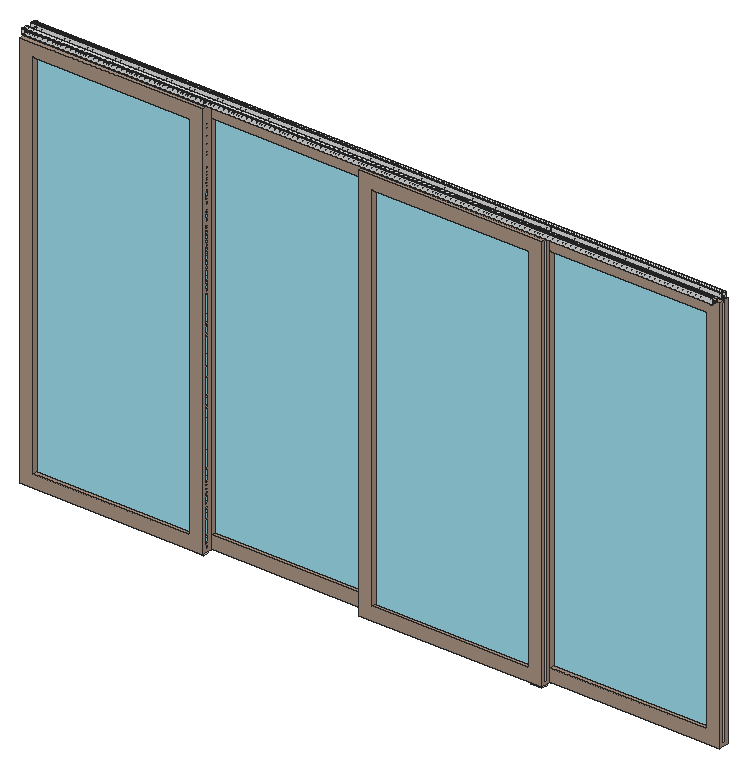
Revit family "4 Panel Slide SB4 XRDLP", category Doors, host Wall, Revit 2016
Family settings
  Host = Wall
  Always vertical = Yes
  Cut with Voids When Loaded = No
  Shared = No
  Room Calculation Point = No
Parameters (values of type "159"x 94 1/8"")
  URL = "www.raydoor.com"
  Type Image = SB4.jpg
  Thickness = 2 1/4"  # constant formula
  Rough Width = 1"  # constant formula
  Rough Height = 1" / 4  # 1/4"
  Model = "SB4"
  Function = Interior
  Door Material = Door - Panel
  Panel Material = Glass, Cast, Gray
  Height = 94 1/8"
  Trim Projection Ext = 63/64"  # constant formula
  Typ = 3"  # constant formula
  Wall Closure = By host
  Width = 159"
  Assembly Code = "SB4 XRDLP"
Reference planes (in)
  plane 1: y = 0
  plane 2: z = 0
  plane 3: x = 0
  plane 4: x = -79.5
  plane 5: x = 79.5
  plane 6: z = 94.125
  plane 7: z = 92.9375
  plane 8: x = 76.5
  plane 9: x = 78
  plane 10: x = -1.50001
  plane 11: x = -0.00001
  plane 12: x = 1.49999
  plane 13: x = -78
  plane 14: x = -76.5
  plane 15: y = 0.125
  plane 16: y = -2.375
  plane 17: y = 2.375
  plane 18: y = -0.125
  plane 19: x = -39
  plane 20: x = -37.5
  plane 21: x = -40.5
  plane 22: x = 39
  plane 23: x = 40.5
  plane 24: x = 37.5
Forms (in)
  Extrusion 1, solid, material "Door - Panel" <- "Door Material"
    sketch origin (-58, 2.62273, 0.25) x (1, 0, 0) y (0, 0, 1)
      loop
        line (56.49999, 92.125) -> (56.49999, 0.25) -> (98.5, 0.25) -> (98.5, 92.125) -> (56.49999, 92.125)
      loop
        line (59.49999, 89.125) -> (59.49999, 3.25) -> (95.5, 3.25) -> (95.5, 89.125) -> (59.49999, 89.125)
    from 2.74773 to 4.99609
  Extrusion 2, solid, material "Glass, Cast, Gray" <- "Panel Material"
    sketch origin (-57.74997, -27.47932, 0.25) x (1, 0, 0) y (0, 0, 1)
      loop
        line (56.24997, 92.125) -> (56.24997, 1.125) -> (98.24997, 1.125) -> (98.24997, 92.125) -> (56.24997, 92.125)
    from -26.35104 to -26.10268
  Extrusion 3, void
    sketch origin (-58, -9.64385, -90.75) x (1, 0, 0) y (0, 0, 1)
      loop
        line (56.49999, 92.125) -> (56.49999, 91.25) -> (98.5, 91.25) -> (98.5, 92.125) -> (56.49999, 92.125)
    from -8.51721 to -8.26885
  Extrusion 4, solid, material "Door - Panel" <- "Door Material"
    sketch origin (-99, 0.3721, 0.25) x (1, 0, 0) y (0, 0, 1)
      loop
        line (19.5, 92.125) -> (19.5, 0.25) -> (61.5, 0.25) -> (61.5, 92.125) -> (19.5, 92.125)
      loop
        line (22.5, 89.125) -> (22.5, 3.25) -> (58.5, 3.25) -> (58.5, 89.125) -> (22.5, 89.125)
    from 0.49874 to 2.7471
  Extrusion 5, solid, material "Glass, Cast, Gray" <- "Panel Material"
    sketch origin (-98.99995, -7.34164, 0.25) x (1, 0, 0) y (0, 0, 1)
      loop
        line (19.49995, 92.125) -> (19.49995, 1.125) -> (61.49995, 1.125) -> (61.49995, 92.125) -> (19.49995, 92.125)
    from -6.215 to -5.96664
  Extrusion 6, void
    sketch origin (-99, -14.51721, -90.75) x (1, 0, 0) y (0, 0, 1)
      loop
        line (19.5, 92.125) -> (19.5, 91.25) -> (61.5, 91.25) -> (61.5, 92.125) -> (19.5, 92.125)
    from -13.39057 to -13.14221
  Extrusion 7, solid, material "UHMW, White", detail levels medium+fine
    sketch origin (49.2777, -1.73342, 0.25) x (0, 1, 0) y (0, 0, 1)
      loop
        line (1.16928, -0.25) -> (1.16928, -0.0625) -> (0.60678, -0.0625) -> (0.60678, 0.75) -> (0.41928, 0.75) -> (0.41928, -0.0625) -> (-0.14322, -0.0625) -> (-0.14322, -0.25) -> (1.16928, -0.25)
      loop
        line (-0.04289, 93.65625) -> (-0.04289, 92.85447) -> (1.00562, 92.85447) -> (1.00562, 93.65625) -> (-0.04289, 93.65625)
    from -89.5277 to -87.0277
  Extrusion 8, solid, material "UHMW, White", detail levels medium+fine
    sketch origin (49.4027, 0.76658, 0.25) x (0, 1, 0) y (0, 0, 1)
      loop
        line (1.16928, -0.25) -> (1.16928, -0.0625) -> (0.60678, -0.0625) -> (0.60678, 0.75) -> (0.41928, 0.75) -> (0.41928, -0.0625) -> (-0.14322, -0.0625) -> (-0.14322, -0.25) -> (1.16928, -0.25)
      loop
        line (-0.04125, 93.65625) -> (-0.04125, 92.85447) -> (1.00726, 92.85447) -> (1.00726, 93.65625) -> (-0.04125, 93.65625)
    from -89.6527 to -87.1527
  Extrusion 9, solid, material "UHMW, White"
    sketch origin (0, 42.66856, -9.0893) x (0, 1, 0) y (0, 0, 1)
      loop
        line (-40.98125, 103.19868) -> (-41.00944, 103.2143) -> (-41.82807, 103.2143) -> (-41.85625, 103.19868)
        arc (-41.85625, 103.19868) -> (-41.80157, 103.14399) -> (-41.85625, 103.0893) r 0.05469
        line (-41.85625, 103.0893) -> (-41.98125, 103.0893)
        arc (-41.98125, 103.0893) -> (-42.00335, 103.08015) -> (-42.0125, 103.05805) r 0.03125
        line (-42.0125, 103.05805) -> (-42.0125, 102.01916)
        arc (-42.0125, 102.01916) -> (-42.00619, 102.00031) -> (-41.9898, 101.98907) r 0.0313
        line (-41.9898, 101.98907) -> (-41.79375, 101.93305) -> (-41.69219, 101.93305)
        arc (-41.69219, 101.93305) -> (-41.67401, 101.9417) -> (-41.66924, 101.96126) r 0.02344
        arc (-41.66924, 101.96126) -> (-41.67141, 101.97686) -> (-41.68296, 101.98757) r 0.02344
        line (-41.68296, 101.98757) -> (-41.93438, 102.0594) -> (-41.93438, 102.13127) -> (-41.95, 102.19377) -> (-41.95, 102.99555) -> (-41.80157, 103.006) -> (-41.70968, 103.12055) -> (-41.12783, 103.12055) -> (-41.03594, 103.006) -> (-40.8875, 102.99555) -> (-40.8875, 102.19377) -> (-40.90313, 102.13127) -> (-40.90313, 102.0594) -> (-41.15455, 101.98757)
        arc (-41.15455, 101.98757) -> (-41.1661, 101.97686) -> (-41.16826, 101.96126) r 0.02344
        arc (-41.16826, 101.96126) -> (-41.1635, 101.9417) -> (-41.14532, 101.93305) r 0.02344
        line (-41.14532, 101.93305) -> (-41.04375, 101.93305) -> (-40.84771, 101.98907)
        arc (-40.84771, 101.98907) -> (-40.83132, 102.00031) -> (-40.825, 102.01916) r 0.0313
        line (-40.825, 102.01916) -> (-40.825, 103.05805)
        arc (-40.825, 103.05805) -> (-40.83416, 103.08015) -> (-40.85625, 103.0893) r 0.03125
        line (-40.85625, 103.0893) -> (-40.98125, 103.0893)
        arc (-40.98125, 103.0893) -> (-41.03594, 103.14399) -> (-40.98125, 103.19868) r 0.05469
    from -79.5 to 79.5
  Extrusion 10, solid, material "UHMW, White"
    sketch origin (-41.44048, 1.65912, 94.125) x (0, -1, 0) y (1, 0, 0)
      loop
        circle (2.90868, 80.44048) r 0.125
    from -1.75 to -0.09375
  Extrusion 11, solid, material "UHMW, White"
    sketch origin (0, 40.4202, -9.0893) x (0, 1, 0) y (0, 0, 1)
      loop
        line (-41.23289, 103.19868) -> (-41.26108, 103.2143) -> (-42.07971, 103.2143) -> (-42.10789, 103.19868)
        arc (-42.10789, 103.19868) -> (-42.05321, 103.14399) -> (-42.10789, 103.0893) r 0.05469
        line (-42.10789, 103.0893) -> (-42.23289, 103.0893)
        arc (-42.23289, 103.0893) -> (-42.25499, 103.08015) -> (-42.26414, 103.05805) r 0.03125
        line (-42.26414, 103.05805) -> (-42.26414, 102.01916)
        arc (-42.26414, 102.01916) -> (-42.25783, 102.00031) -> (-42.24144, 101.98907) r 0.0313
        line (-42.24144, 101.98907) -> (-42.04539, 101.93305) -> (-41.94383, 101.93305)
        arc (-41.94383, 101.93305) -> (-41.92565, 101.9417) -> (-41.92088, 101.96126) r 0.02344
        arc (-41.92088, 101.96126) -> (-41.92305, 101.97686) -> (-41.9346, 101.98757) r 0.02344
        line (-41.9346, 101.98757) -> (-42.18602, 102.0594) -> (-42.18602, 102.13127) -> (-42.20164, 102.19377) -> (-42.20164, 102.99555) -> (-42.05321, 103.006) -> (-41.96132, 103.12055) -> (-41.37947, 103.12055) -> (-41.28758, 103.006) -> (-41.13914, 102.99555) -> (-41.13914, 102.19377) -> (-41.15477, 102.13127) -> (-41.15477, 102.0594) -> (-41.40619, 101.98757)
        arc (-41.40619, 101.98757) -> (-41.41774, 101.97686) -> (-41.4199, 101.96126) r 0.02344
        arc (-41.4199, 101.96126) -> (-41.41514, 101.9417) -> (-41.39696, 101.93305) r 0.02344
        line (-41.39696, 101.93305) -> (-41.29539, 101.93305) -> (-41.09935, 101.98907)
        arc (-41.09935, 101.98907) -> (-41.08296, 102.00031) -> (-41.07664, 102.01916) r 0.0313
        line (-41.07664, 102.01916) -> (-41.07664, 103.05805)
        arc (-41.07664, 103.05805) -> (-41.0858, 103.08015) -> (-41.10789, 103.0893) r 0.03125
        line (-41.10789, 103.0893) -> (-41.23289, 103.0893)
        arc (-41.23289, 103.0893) -> (-41.28758, 103.14399) -> (-41.23289, 103.19868) r 0.05469
    from -79.5 to 79.5
  Extrusion 12, solid, material "UHMW, White"
    sketch origin (-92.86615, -11.16274, 94.125) x (0, -1, 0) y (1, 0, 0)
      loop
        circle (-12.41356, 53.86615) r 0.125
    from -1.75 to 0
  Extrusion 13, solid, material "Door - Panel" <- "Door Material"
    sketch origin (-99, 2.87047, 0.25) x (1, 0, 0) y (0, 0, 1)
      loop
        line (58.5, 92.125) -> (58.5, 0.25) -> (100.49999, 0.25) -> (100.49999, 92.125) -> (58.5, 92.125)
      loop
        line (61.5, 89.125) -> (61.5, 3.25) -> (97.49999, 3.25) -> (97.49999, 89.125) -> (61.5, 89.125)
    from 0.4971 to 2.74547
  Extrusion 14, solid, material "Glass, Cast, Gray" <- "Panel Material"
    sketch origin (-98.99995, -4.84328, 0.25) x (1, 0, 0) y (0, 0, 1)
      loop
        line (58.49995, 92.125) -> (58.49995, 1.125) -> (100.49994, 1.125) -> (100.49994, 92.125) -> (58.49995, 92.125)
    from -6.21664 to -5.96828
  Extrusion 15, void
    sketch origin (-99, -12.01885, -90.75) x (1, 0, 0) y (0, 0, 1)
      loop
        line (58.5, 92.125) -> (58.5, 91.25) -> (100.49999, 91.25) -> (100.49999, 92.125) -> (58.5, 92.125)
    from -13.39221 to -13.14385
  Extrusion 16, solid, material "Door - Panel" <- "Door Material"
    sketch origin (-67, 2.87047, 0.25) x (1, 0, 0) y (0, 0, 1)
      loop
        line (104.5, 92.125) -> (104.5, 0.25) -> (146.5, 0.25) -> (146.5, 92.125) -> (104.5, 92.125)
      loop
        line (107.5, 89.125) -> (107.5, 3.25) -> (143.5, 3.25) -> (143.5, 89.125) -> (107.5, 89.125)
    from 0.4971 to 2.74547
  Extrusion 17, solid, material "Glass, Cast, Gray" <- "Panel Material"
    sketch origin (-66.99995, -4.59328, 0.25) x (1, 0, 0) y (0, 0, 1)
      loop
        line (104.49995, 92.125) -> (104.49995, 1.125) -> (146.49995, 1.125) -> (146.49995, 92.125) -> (104.49995, 92.125)
    from -5.96664 to -5.71828
  Extrusion 18, void
    sketch origin (-67, -12.01885, -90.75) x (1, 0, 0) y (0, 0, 1)
      loop
        line (104.5, 92.125) -> (104.5, 91.25) -> (146.5, 91.25) -> (146.5, 92.125) -> (104.5, 92.125)
    from -13.39221 to -13.14385
  Extrusion 19, solid, material "UHMW, White", detail levels medium+fine
    sketch origin (127.2777, 0.76658, 0.25) x (0, 1, 0) y (0, 0, 1)
      loop
        line (1.16928, -0.25) -> (1.16928, -0.0625) -> (0.60678, -0.0625) -> (0.60678, 0.75) -> (0.41928, 0.75) -> (0.41928, -0.0625) -> (-0.14322, -0.0625) -> (-0.14322, -0.25) -> (1.16928, -0.25)
      loop
        line (-0.04125, 93.65625) -> (-0.04125, 92.85447) -> (1.00726, 92.85447) -> (1.00726, 93.65625) -> (-0.04125, 93.65625)
    from -89.5277 to -87.0277
  Extrusion 20, solid, material "UHMW, White", detail levels medium+fine
    sketch origin (127.2777, -1.73342, 0.25) x (0, 1, 0) y (0, 0, 1)
      loop
        line (1.16928, -0.25) -> (1.16928, -0.0625) -> (0.60678, -0.0625) -> (0.60678, 0.75) -> (0.41928, 0.75) -> (0.41928, -0.0625) -> (-0.14322, -0.0625) -> (-0.14322, -0.25) -> (1.16928, -0.25)
      loop
        line (-0.04289, 93.65625) -> (-0.04289, 92.85447) -> (1.00562, 92.85447) -> (1.00562, 93.65625) -> (-0.04289, 93.65625)
    from -89.5277 to -87.0277
Cuts and joins
  Extrusion 3 cuts Extrusion 1
  Extrusion 3 cuts Extrusion 2
  Extrusion 6, Extrusion 15 cuts Extrusion 4
  Extrusion 6, Extrusion 15 cuts Extrusion 5
  Extrusion 15, Extrusion 18 cuts Extrusion 13
  Extrusion 15, Extrusion 18 cuts Extrusion 14
  Extrusion 18 cuts Extrusion 8
  Extrusion 18 cuts Extrusion 16
  Extrusion 18 cuts Extrusion 17
Lines and regions (in)
  Opening 1
    outline origin (-60, -2.99773, 144) x (0, 0, -1) y (1, 0, 0)
      loop
        line (49.875, -19.5) -> (144, -19.5) -> (144, 139.5) -> (49.875, 139.5) -> (49.875, -19.5)
  Masking region 1
    outline origin (-7.24693, 27.04592, 0) x (1, 0, 0) y (0, 1, 0)
      loop
        line (-30.25307, -29.42092) -> (-30.25307, -27.17092) -> (-72.25307, -27.17092) -> (-72.25307, -29.42092) -> (-30.25307, -29.42092)
  Masking region 2
    outline origin (-7.24693, 29.28975, 0) x (1, 0, 0) y (0, 1, 0)
      loop
        line (-30.25307, -29.16475) -> (-30.25307, -26.91475) -> (-72.25307, -26.91475) -> (-72.25307, -29.16475) -> (-30.25307, -29.16475)
  Masking region 3
    outline origin (41.75307, 34.80676, 0) x (1, 0, 0) y (0, 1, 0)
      loop
        line (37.74693, -37.18176) -> (37.74693, -34.93176) -> (-4.25307, -34.93176) -> (-4.25307, -37.18176) -> (37.74693, -37.18176)
  Masking region 4
    outline origin (41.75307, 37.05059, 0) x (1, 0, 0) y (0, 1, 0)
      loop
        line (37.74693, -36.92559) -> (37.74693, -34.67559) -> (-4.25307, -34.67559) -> (-4.25307, -36.92559) -> (37.74693, -36.92559)
  symbolic lines, style "Elevation Swing"
    curve 1: line (-29.5, 0, 37.98833) -> (-9.5, 0, 37.98833)
    curve 2: line (-9.5, 0, 32.79755) -> (-29.5, 0, 32.79755)
    curve 3: line (-29.5, 0, 37.98833) -> (-21.38007, 0, 40.48833)
    curve 4: line (-14.69616, 0, 29.79755) -> (-9.5, 0, 32.79755)
    curve 14: line (9.5, 0, 37.98833) -> (29.5, 0, 37.98833)
    curve 15: line (29.5, 0, 32.79755) -> (9.5, 0, 32.79755)
    curve 16: line (9.5, 0, 37.98833) -> (17.61992, 0, 40.48833)
    curve 17: line (24.30384, 0, 29.79755) -> (29.5, 0, 32.79755)
  symbolic lines, style "Plan Swing"
    curve 5: line (29.5, -14.55138, 0) -> (9.5, -14.55138, 0)
    curve 6: line (9.5, -14.55138, 0) -> (11.62132, -12.43006, 0)
    curve 7: line (29.5, -16.07036, 0) -> (8.71019, -16.07036, 0)
    curve 8: line (27.37868, -18.19168, 0) -> (29.5, -16.07036, 0)
    curve 10: line (-9.50001, -14.55138, 0) -> (-29.50001, -14.55138, 0)
    curve 11: line (-29.50001, -14.55138, 0) -> (-27.37869, -12.43006, 0)
    curve 12: line (-9.50001, -16.07036, 0) -> (-30.28981, -16.07036, 0)
    curve 13: line (-11.62133, -18.19168, 0) -> (-9.50001, -16.07036, 0)
  model lines
    curve 9: line (-79.5, 3.00227, 0) -> (79.5, 3.00227, 0)
Dimensions and locks (in)
  equal spacing: plane 4, plane 3, plane 5
  "Width": plane 4 to plane 5
  "Height": plane 6 to plane 2
  locked: plane 6 to plane 7 at 1.1875
  equal spacing: plane 8, plane 9, plane 5, locked at 1.5 each
  "Typ": plane 8 to plane 5
  equal spacing: plane 10, plane 11, plane 12, locked at 1.5 each
  "Typ": plane 10 to plane 12
  equal spacing: plane 11, plane 22, plane 9
  equal spacing: plane 13, plane 19, plane 11
  "Typ": Extrusion 1 sketch curve to Extrusion 1 sketch curve  (x2)
  locked: Extrusion 2 to Extrusion 2 at 0.24836
  locked: Extrusion 2 sketch curve to Extrusion 1 at 0.875
  locked: Extrusion 3 to Extrusion 3 at 0.24836
  "Typ": Extrusion 4 sketch curve to Extrusion 4 sketch curve  (x2)
  locked: Extrusion 5 to Extrusion 5 at 0.24836
  locked: Extrusion 4 to Extrusion 5 at 1
  locked: Extrusion 5 sketch curve to Extrusion 4 at 0.875
  locked: Extrusion 6 to Extrusion 6 at 0.24836
  locked: plane 15 to plane 18 at 0.25
  "Typ": plane 4 to plane 14
  "Thickness": plane 17 to plane 15
  "Thickness": plane 18 to plane 16
  equal spacing: plane 4, plane 13, plane 14
  locked: Extrusion 7 to Extrusion 7 at 2.5  (x2)
  Extrusion 7 sketch curve to Extrusion 7 sketch curve = 3/16"
  locked: Extrusion 7 sketch curve to Extrusion 7 sketch curve at 0.5625  (x2)
  locked: Extrusion 7 sketch curve to Extrusion 7 sketch curve at 0.1875
  locked: Extrusion 8 to Extrusion 8 at 2.5
  Extrusion 8 sketch curve to Extrusion 8 sketch curve = 3/16"
  locked: Extrusion 8 sketch curve to Extrusion 8 sketch curve at 0.5625  (x2)
  locked: Extrusion 8 sketch curve to Extrusion 8 sketch curve at 0.1875
  locked: cut or joined group of Extrusion 2, Extrusion 3 to plane 16 at 0.99836
  locked: plane 17 to Extrusion 12 sketch curve at 1.24918
  locked: Extrusion 10 sketch curve to plane 16 at 1.00044
  equal spacing: plane 21, plane 19, plane 20
  "Typ": plane 21 to plane 20
  equal spacing: plane 24, plane 22, plane 23
  "Typ": plane 24 to plane 23
  locked: plane 16 to cut or joined group of Extrusion 2, Extrusion 3 at 0.99836
  locked: cut or joined group of Extrusion 2, Extrusion 3 to plane 18 at 1.00164
  locked: cut or joined group of Extrusion 2, Extrusion 3 to cut or joined group of Extrusion 2, Extrusion 3 at 0.24836
  "Typ": Extrusion 13 sketch curve to Extrusion 13 sketch curve  (x2)
  locked: Extrusion 14 to Extrusion 14 at 0.24836
  locked: Extrusion 13 to Extrusion 14 at 1
  locked: Extrusion 14 sketch curve to Extrusion 13 at 0.875
  locked: Extrusion 15 to Extrusion 15 at 0.24836
  locked: cut or joined group of Extrusion 14, Extrusion 15, Extrusion 18 to plane 15 at 1
  "Typ": Extrusion 16 sketch curve to Extrusion 16 sketch curve  (x2)
  locked: Extrusion 17 to Extrusion 17 at 0.24836
  locked: Extrusion 16 to Extrusion 17 at 1
  locked: Extrusion 17 sketch curve to Extrusion 16 at 0.875
  locked: Extrusion 18 to Extrusion 18 at 0.24836
  locked: Extrusion 10 sketch curve to plane 23 at 1.375
  "Rough Height": plane 21 to Extrusion 7
  locked: Extrusion 19 to Extrusion 19 at 2.5
  Extrusion 19 sketch curve to Extrusion 19 sketch curve = 3/16"
  locked: Extrusion 19 sketch curve to Extrusion 19 sketch curve at 0.5625  (x2)
  locked: Extrusion 19 sketch curve to Extrusion 19 sketch curve at 0.1875
  "Rough Height": plane 24 to Extrusion 19
  locked: Extrusion 20 to Extrusion 20 at 2.5  (x2)
  Extrusion 20 sketch curve to Extrusion 20 sketch curve = 3/16"
  locked: Extrusion 20 sketch curve to Extrusion 20 sketch curve at 0.5625  (x2)
  locked: Extrusion 20 sketch curve to Extrusion 20 sketch curve at 0.1875
  "Rough Height": plane 24 to Extrusion 20
  "Rough Height": plane 20 to cut or joined group of Extrusion 8, Extrusion 18
  diameter of Extrusion 10 sketch curve = 1/4"
  diameter of Extrusion 12 sketch curve = 1/4"
  aligned and locked: plane 5 to curve 9
  aligned and locked: Opening 1 sketch curve to plane 5
  aligned and locked: Opening 1 sketch curve to plane 4
  aligned and locked: Extrusion 1 to Extrusion 2
  aligned and locked: Extrusion 1 to Extrusion 3  (x3)
  aligned and locked: Extrusion 4 to Extrusion 5
  aligned and locked: Extrusion 4 to Extrusion 6  (x3)
  aligned and locked: plane 4 to cut or joined group of Extrusion 4, Extrusion 6, Extrusion 15
  aligned and locked: plane 4 to cut or joined group of Extrusion 5, Extrusion 6, Extrusion 15
  aligned and locked: cut or joined group of Extrusion 4, Extrusion 6, Extrusion 15 to plane 14
  aligned and locked: plane 17 to Masking region 2
  aligned and locked: Masking region 2 to plane 15
  aligned and locked: Extrusion 7 sketch curve to Extrusion 7 sketch curve
  aligned and locked: cut or joined group of Extrusion 1, Extrusion 3 to Extrusion 7
  aligned and locked: Extrusion 10 to Extrusion 9
  aligned and locked: plane 4 to Extrusion 11
  aligned and locked: plane 4 to Extrusion 9
  aligned and locked: plane 4 to Masking region 1
  aligned and locked: plane 18 to Masking region 1
  aligned and locked: Masking region 1 to plane 16
  aligned and locked: Extrusion 4 to plane 20
  aligned and locked: cut or joined group of Extrusion 4, Extrusion 6, Extrusion 15 to Extrusion 5
  aligned and locked: cut or joined group of Extrusion 4, Extrusion 6, Extrusion 15 to plane 16
  aligned and locked: plane 18 to cut or joined group of Extrusion 4, Extrusion 6, Extrusion 15
  aligned and locked: plane 10 to cut or joined group of Extrusion 1, Extrusion 3
  aligned and locked: plane 10 to cut or joined group of Extrusion 2, Extrusion 3
  aligned and locked: cut or joined group of Extrusion 2, Extrusion 3 to plane 23
  aligned and locked: cut or joined group of Extrusion 1, Extrusion 3 to plane 23
  aligned and locked: cut or joined group of Extrusion 1, Extrusion 3 to plane 24
  aligned and locked: Masking region 1 to plane 20
  aligned and locked: cut or joined group of Extrusion 5, Extrusion 6, Extrusion 15 to Extrusion 6
  aligned and locked: Extrusion 13 to Extrusion 14
  aligned and locked: Extrusion 13 to Extrusion 15  (x3)
  aligned and locked: Extrusion 13 to Masking region 2
  aligned and locked: Masking region 2 to Extrusion 13
  aligned and locked: Extrusion 13 to plane 12
  aligned and locked: plane 10 to Extrusion 13
  aligned and locked: Extrusion 14 to plane 12
  aligned and locked: cut or joined group of Extrusion 13, Extrusion 15, Extrusion 18 to plane 20
  aligned and locked: cut or joined group of Extrusion 13, Extrusion 15, Extrusion 18 to plane 21
  aligned and locked: cut or joined group of Extrusion 14, Extrusion 15, Extrusion 18 to plane 21
  aligned and locked: cut or joined group of Extrusion 13, Extrusion 15, Extrusion 18 to Extrusion 8
  aligned and locked: Extrusion 4 to plane 21
  aligned and locked: plane 4 to Masking region 2
  aligned and locked: Masking region 2 to plane 20
  aligned and locked: Extrusion 16 to Extrusion 17
  aligned and locked: Extrusion 16 to Extrusion 18  (x3)
  aligned and locked: Extrusion 16 to plane 17
  aligned and locked: cut or joined group of Extrusion 16, Extrusion 18 to plane 15
  aligned and locked: cut or joined group of Extrusion 16, Extrusion 18 to plane 5
  aligned and locked: cut or joined group of Extrusion 17, Extrusion 18 to plane 5
  aligned and locked: plane 8 to cut or joined group of Extrusion 16, Extrusion 18
  aligned and locked: cut or joined group of Extrusion 16, Extrusion 18 to plane 23
  aligned and locked: cut or joined group of Extrusion 16, Extrusion 18 to plane 24
  aligned and locked: cut or joined group of Extrusion 17, Extrusion 18 to plane 24
  aligned and locked: Masking region 3 to plane 16
  aligned and locked: Masking region 3 to plane 18
  aligned and locked: Masking region 3 to plane 5
  aligned and locked: Masking region 3 to plane 24
  aligned and locked: Masking region 4 to plane 15
  aligned and locked: Masking region 4 to plane 17
  aligned and locked: Masking region 4 to plane 5
  aligned and locked: Masking region 4 to plane 24
  aligned and locked: Extrusion 11 to plane 5
  aligned and locked: Extrusion 9 to plane 5
  aligned and locked: Extrusion 20 sketch curve to Extrusion 20 sketch curve
Automatic sketch dimensions
  curve 16 to plane 12 = 8"
  level to curve 16 = 37.98833"
  curve 3 to plane 20 = 8"
  level to curve 3 = 37.98833"
  curve 17 to plane 24 = 8"
  curve 14 to curve 17 = 5.19077"
  curve 1 to curve 2 = 5.19077"
  plane 10 to curve 2 = 8"
  curve 3 to plane 20 = 16.11993"
  curve 3 to curve 1 = 2 1/2"
  curve 16 to plane 12 = 16.11993"
  curve 16 to curve 14 = 2 1/2"
  curve 17 to plane 24 = 13.19615"
  curve 15 to curve 17 = 3"
  plane 10 to curve 4 = 13.19615"
  curve 2 to curve 4 = 3"
  curve 1 to curve 2 = 0"  (x2)
  curve 14 to curve 15 = 0"  (x2)
  Opening 1 sketch curve to plane 6 = 0"
  Opening 1 sketch curve to level = 0"
  curve 11 to plane 20 = 8"
  plane 10 to curve 12 = 8"
  curve 6 to plane 12 = 8"
  curve 7 to plane 24 = 8"
  host wall to curve 8 = 13.07263"
  host wall to curve 13 = 13.07263"
  curve 12 to curve 10 = 1.51898"
  curve 7 to curve 5 = 1.51898"
  curve 12 to curve 10 = 0.7898"
  curve 10 to curve 11 = 2.12132"  (x2)
  curve 13 to curve 12 = 2.12132"  (x2)
  curve 10 to curve 12 = 0"
  curve 7 to curve 5 = 0.7898"
  curve 5 to curve 6 = 2.12132"  (x2)
  curve 8 to curve 7 = 2.12132"  (x2)
  curve 5 to curve 7 = 0"
  curve 9 to level = 0"
  plane 4 to curve 9 = 0"
  Masking region 1 sketch curve to plane 4 = 0"
  Masking region 1 sketch curve to plane 18 = 0"
  Masking region 1 sketch curve to plane 20 = 0"
  Masking region 1 sketch curve to plane 16 = 0"
  Masking region 2 sketch curve to plane 4 = 0"
  Masking region 2 sketch curve to plane 17 = 0"
  Masking region 2 sketch curve to plane 20 = 0"
  Masking region 2 sketch curve to plane 15 = 0"
  plane 10 to Extrusion 2 sketch curve = 0"
  plane 23 to Extrusion 2 sketch curve = 0"
  plane 7 to Extrusion 2 sketch curve = 9/16"
  plane 10 to Extrusion 3 sketch curve = 0"
  plane 23 to Extrusion 3 sketch curve = 0"
  level to Extrusion 3 sketch curve = 1/2"
  Extrusion 3 sketch curve to Extrusion 3 sketch curve = 7/8"
  plane 4 to Extrusion 5 sketch curve = 0"
  plane 20 to Extrusion 5 sketch curve = 0"
  plane 7 to Extrusion 5 sketch curve = 9/16"
  plane 4 to Extrusion 6 sketch curve = 0"
  plane 20 to Extrusion 6 sketch curve = 0"
  level to Extrusion 6 sketch curve = 1/2"
  Extrusion 6 sketch curve to Extrusion 6 sketch curve = 7/8"
  Extrusion 7 sketch curve to level = 0"
  plane 16 to Extrusion 7 sketch curve = 0.49836"
  Extrusion 7 sketch curve to plane 7 = 0.16697"
  plane 16 to Extrusion 7 sketch curve = 0.59869"
  plane 6 to Extrusion 7 sketch curve = 7/32"
  Extrusion 7 sketch curve to plane 18 = 0.6028"
  Extrusion 7 sketch curve to Extrusion 7 sketch curve = 13/16"
  Extrusion 8 sketch curve to level = 0"
  plane 15 to Extrusion 8 sketch curve = 0.49836"
  Extrusion 8 sketch curve to plane 7 = 0.16697"
  plane 15 to Extrusion 8 sketch curve = 0.60033"
  plane 6 to Extrusion 8 sketch curve = 7/32"
  Extrusion 8 sketch curve to plane 17 = 0.60116"
  level to Extrusion 8 sketch curve = 3/16"
  Extrusion 8 sketch curve to Extrusion 8 sketch curve = 13/16"
  plane 6 to Extrusion 9 sketch curve = 0"
  plane 7 to Extrusion 9 sketch curve = 0.00764"  (x2)
  plane 15 to Extrusion 9 sketch curve = 0.53106"
  plane 7 to Extrusion 9 sketch curve = 0.03774"  (x2)
  Extrusion 9 sketch curve to Extrusion 9 sketch curve = 0.0227"
  Extrusion 9 sketch curve to Extrusion 9 sketch curve = 1/32"  (x3)
  Extrusion 9 sketch curve to plane 7 = 0.10447"
  Extrusion 9 sketch curve to Extrusion 9 sketch curve = 1/64"  (x2)
  Extrusion 9 sketch curve to Extrusion 9 sketch curve = 1/8"
  Extrusion 9 sketch curve to Extrusion 9 sketch curve = 0.02819"  (x2)
  plane 6 to Extrusion 9 sketch curve = 0.20831"  (x2)
  Extrusion 9 sketch curve to Extrusion 9 sketch curve = 7/128"  (x3)
  plane 7 to Extrusion 9 sketch curve = 3/32"  (x2)
  Extrusion 9 sketch curve to Extrusion 9 sketch curve = 9/64"  (x2)
  plane 6 to Extrusion 9 sketch curve = 3/32"
  Extrusion 9 sketch curve to Extrusion 9 sketch curve = 0.09189"  (x2)
  Extrusion 9 sketch curve to Extrusion 9 sketch curve = 13/128"  (x2)
  Extrusion 9 sketch curve to Extrusion 9 sketch curve = 0"  (x2)
  plane 7 to Extrusion 9 sketch curve = 0.03924"  (x2)
  Extrusion 9 sketch curve to Extrusion 9 sketch curve = 0.00923"  (x2)
  Extrusion 9 sketch curve to Extrusion 9 sketch curve = 0.52841"
  Extrusion 9 sketch curve to Extrusion 9 sketch curve = 0.58185"
  Extrusion 9 sketch curve to Extrusion 9 sketch curve = 0.11839"
  Extrusion 9 sketch curve to plane 7 = 0.0326"  (x2)
  Extrusion 9 sketch curve to plane 7 = 0.16697"
  Extrusion 9 sketch curve to Extrusion 9 sketch curve = 0.04683"
  Extrusion 9 sketch curve to Extrusion 9 sketch curve = 0.0086"
  Extrusion 9 sketch curve to Extrusion 9 sketch curve = 3/128"  (x2)
  Extrusion 9 sketch curve to Extrusion 9 sketch curve = 0.00953"  (x2)
  Extrusion 9 sketch curve to Extrusion 9 sketch curve = 1/16"  (x4)
  Extrusion 9 sketch curve to Extrusion 9 sketch curve = 0.01044"  (x2)
  plane 6 to Extrusion 11 sketch curve = 0"
  plane 7 to Extrusion 11 sketch curve = 0.00764"  (x2)
  plane 16 to Extrusion 11 sketch curve = 0.53106"
  plane 7 to Extrusion 11 sketch curve = 0.03774"  (x2)
  Extrusion 11 sketch curve to Extrusion 11 sketch curve = 0.0227"
  Extrusion 11 sketch curve to Extrusion 11 sketch curve = 1/32"  (x3)
  Extrusion 11 sketch curve to plane 7 = 0.10447"
  Extrusion 11 sketch curve to Extrusion 11 sketch curve = 1/64"  (x2)
  Extrusion 11 sketch curve to Extrusion 11 sketch curve = 1/8"
  Extrusion 11 sketch curve to Extrusion 11 sketch curve = 0.02819"  (x2)
  plane 6 to Extrusion 11 sketch curve = 0.20831"  (x2)
  Extrusion 11 sketch curve to Extrusion 11 sketch curve = 7/128"  (x3)
  plane 7 to Extrusion 11 sketch curve = 3/32"  (x2)
  Extrusion 11 sketch curve to Extrusion 11 sketch curve = 9/64"  (x2)
  plane 6 to Extrusion 11 sketch curve = 3/32"
  Extrusion 11 sketch curve to Extrusion 11 sketch curve = 0.09189"  (x2)
  Extrusion 11 sketch curve to Extrusion 11 sketch curve = 13/128"  (x2)
  Extrusion 11 sketch curve to Extrusion 11 sketch curve = 0"  (x2)
  plane 7 to Extrusion 11 sketch curve = 0.03924"  (x2)
  Extrusion 11 sketch curve to Extrusion 11 sketch curve = 0.00923"  (x2)
  Extrusion 11 sketch curve to Extrusion 11 sketch curve = 0.52841"
  Extrusion 11 sketch curve to Extrusion 11 sketch curve = 0.58185"
  Extrusion 11 sketch curve to Extrusion 11 sketch curve = 0.11839"
  Extrusion 11 sketch curve to plane 7 = 0.0326"  (x2)
  Extrusion 11 sketch curve to plane 7 = 0.16697"
  Extrusion 11 sketch curve to Extrusion 11 sketch curve = 0.04683"
  Extrusion 11 sketch curve to Extrusion 11 sketch curve = 0.0086"
  Extrusion 11 sketch curve to Extrusion 11 sketch curve = 3/128"  (x2)
  Extrusion 11 sketch curve to Extrusion 11 sketch curve = 0.00953"  (x2)
  Extrusion 11 sketch curve to Extrusion 11 sketch curve = 1/16"  (x4)
  Extrusion 11 sketch curve to Extrusion 11 sketch curve = 0.01044"  (x2)
  Extrusion 9 to Extrusion 12 sketch curve = 40 1/2"
  Extrusion 14 sketch curve to plane 21 = 0"
  plane 12 to Extrusion 14 sketch curve = 0"
  plane 7 to Extrusion 14 sketch curve = 9/16"
  Extrusion 15 sketch curve to plane 21 = 0"
  plane 12 to Extrusion 15 sketch curve = 0"
  level to Extrusion 15 sketch curve = 1/2"
  Extrusion 15 sketch curve to Extrusion 15 sketch curve = 7/8"
  Extrusion 17 sketch curve to plane 24 = 0"
  plane 5 to Extrusion 17 sketch curve = 0"
  plane 7 to Extrusion 17 sketch curve = 9/16"
  Extrusion 18 sketch curve to plane 24 = 0"
  plane 5 to Extrusion 18 sketch curve = 0"
  level to Extrusion 18 sketch curve = 1/2"
  Extrusion 18 sketch curve to Extrusion 18 sketch curve = 7/8"
  Masking region 3 sketch curve to plane 16 = 0"
  Masking region 3 sketch curve to plane 24 = 0"
  Masking region 3 sketch curve to plane 5 = 0"
  plane 18 to Masking region 3 sketch curve = 0"
  Masking region 4 sketch curve to plane 15 = 0"
  Masking region 4 sketch curve to plane 24 = 0"
  Masking region 4 sketch curve to plane 5 = 0"
  plane 17 to Masking region 4 sketch curve = 0"
  Extrusion 19 sketch curve to level = 0"
  plane 15 to Extrusion 19 sketch curve = 0.49836"
  Extrusion 19 sketch curve to plane 7 = 0.16697"
  plane 15 to Extrusion 19 sketch curve = 0.60033"
  plane 6 to Extrusion 19 sketch curve = 7/32"
  Extrusion 19 sketch curve to plane 17 = 0.60116"
  level to Extrusion 19 sketch curve = 3/16"
  Extrusion 19 sketch curve to Extrusion 19 sketch curve = 13/16"
  Extrusion 20 sketch curve to level = 0"
  plane 16 to Extrusion 20 sketch curve = 0.49836"
  Extrusion 20 sketch curve to plane 7 = 0.16697"
  plane 16 to Extrusion 20 sketch curve = 0.59869"
  plane 6 to Extrusion 20 sketch curve = 7/32"
  Extrusion 20 sketch curve to plane 18 = 0.6028"
  Extrusion 20 sketch curve to Extrusion 20 sketch curve = 13/16"
  plane 10 to Extrusion 1 sketch curve = 0"
  Extrusion 1 sketch curve to plane 24 = 0"
  plane 23 to Extrusion 1 sketch curve = 0"
  plane 12 to Extrusion 1 sketch curve = 0"
  level to Extrusion 1 sketch curve = 1/2"
  plane 7 to Extrusion 1 sketch curve = 3 9/16"
  plane 4 to Extrusion 4 sketch curve = 0"
  plane 14 to Extrusion 4 sketch curve = 0"
  Extrusion 4 sketch curve to plane 21 = 0"
  plane 20 to Extrusion 4 sketch curve = 0"
  level to Extrusion 4 sketch curve = 1/2"
  plane 7 to Extrusion 4 sketch curve = 3 9/16"
  Extrusion 13 sketch curve to plane 21 = 0"
  plane 20 to Extrusion 13 sketch curve = 0"
  plane 10 to Extrusion 13 sketch curve = 0"
  plane 12 to Extrusion 13 sketch curve = 0"
  level to Extrusion 13 sketch curve = 1/2"
  plane 7 to Extrusion 13 sketch curve = 3 9/16"
  Extrusion 16 sketch curve to plane 24 = 0"
  plane 23 to Extrusion 16 sketch curve = 0"
  plane 8 to Extrusion 16 sketch curve = 0"
  plane 5 to Extrusion 16 sketch curve = 0"
  level to Extrusion 16 sketch curve = 1/2"
  plane 7 to Extrusion 16 sketch curve = 3 9/16"
